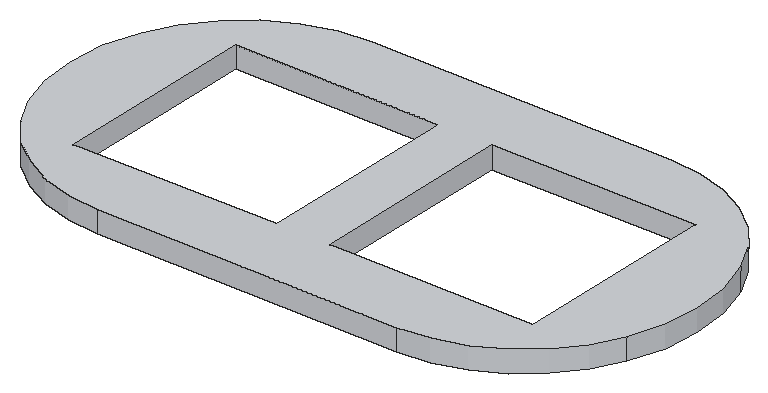
Revit family "Gira_0212135", category Electrical Fixtures, host Face, Revit 2017
Family settings
  Host = Face
  Maintain Annotation Orientation = No
  Round Connector Dimension = Use Diameter
  Part Type = Normal
  Cut with Voids When Loaded = No
  Shared = No
  Room Calculation Point = No
Parameters (values of type "Cov.fr. 2-g Gira Studio black gl.")
  URL = "http://katalog.gira.de/en/datenblatt.html?artikelnr=0212135"
  Transparent = "Yes"
  Name = "Cov.fr. 2-g Gira Studio black gl."
  Manufacturer URL = "https://www.gira.de/"
  Manufacturer = "Gira"
  Label space/information surface = "No"
  Keynote = ""
  HeinzeBIM = "https://bimportal.heinze.de/bim/cov-fr-2-g-gira-studio-black-gl-/4ded9c4e325d7cdc9f3b0441bd73f83e2d3b3484"
  HAN = "0212135"
  GTIN = "4010337045670"
  Description = "Cov.fr.2g Stud. GBk,Gira Studio cover frame,black glass,2-gang,Installation in standard device boxes, can be extended as required through installation in device boxes with spacer glands.,For surface-mounted installation: Gira Studio, housing, 1-gang, with cover frame, 1-gang, can be extended as required."
  Default Elevation = 1219.2 mm
  Data sheet (1) = "https://katalog.gira.de/en/download.html?artikelnr=0212135"
  Category = "Cover frame for domestic switching devices"
  BIM (2) = "https://media.stage.bim.site/public/gira/36a6b08/Studio_Rahmen_Tragplatte_2fach.rfa"
  BIM (1) = "https://media.stage.bim.site/public/gira/36a6b08/Studio_Rahmen_Abdeckplatte_2fach.rfa"
  Available = "No"
Reference planes
  plane 1 "Center (Front/Back)": y = 0
  plane 2: z = 0
  plane 3 "Center (Left/Right)": x = 0
Forms (mm)
  Extrusion 1, solid, detail levels fine
    sketch origin (0, 0, 0) x (0, -1, 0) y (1, 0, 0)
      loop
        arc (-47.5, -41.55) -> (-39.942, -66.512) -> (-19.808, -83.088) r 45
        arc (-19.808, -83.088) -> (0, -87.05) -> (19.808, -83.088) r 51.5
        arc (19.808, -83.088) -> (39.942, -66.512) -> (47.5, -41.55) r 45
        line (47.5, -41.55) -> (47.5, 41.55)
        arc (47.5, 41.55) -> (39.942, 66.512) -> (19.808, 83.088) r 45
        arc (19.808, 83.088) -> (0, 87.05) -> (-19.808, 83.088) r 51.5
        arc (-19.808, 83.088) -> (-39.942, 66.512) -> (-47.5, 41.55) r 45
        line (-47.5, 41.55) -> (-47.5, -41.55)
      loop
        line (-28.2, -63.75) -> (28.2, -63.75) -> (28.2, -7.35) -> (-28.2, -7.35) -> (-28.2, -63.75)
      loop
        line (28.2, 63.75) -> (-28.2, 63.75) -> (-28.2, 7.35) -> (28.2, 7.35) -> (28.2, 63.75)
    from 0 to 6
  Extrusion 2, solid, detail levels medium
    sketch origin (0, 0, 0) x (0, -1, 0) y (1, 0, 0)
      loop
        arc (-47.5, -41.55) -> (-39.942, -66.512) -> (-19.808, -83.088) r 45
        arc (-19.808, -83.088) -> (0, -87.05) -> (19.808, -83.088) r 51.5
        arc (19.808, -83.088) -> (39.942, -66.512) -> (47.5, -41.55) r 45
        line (47.5, -41.55) -> (47.5, 41.55)
        arc (47.5, 41.55) -> (39.942, 66.512) -> (19.808, 83.088) r 45
        arc (19.808, 83.088) -> (0, 87.05) -> (-19.808, 83.088) r 51.5
        arc (-19.808, 83.088) -> (-39.942, 66.512) -> (-47.5, 41.55) r 45
        line (-47.5, 41.55) -> (-47.5, -41.55)
    from 0 to 6
  Extrusion 3, solid, detail levels coarse
    sketch origin (0, 0, 0) x (0, -1, 0) y (1, 0, 0)
      loop
        line (-47.5, 87.05) -> (-47.5, -87.05) -> (47.5, -87.05) -> (47.5, 87.05) -> (-47.5, 87.05)
    from 0 to 6
Dimensions and locks
  aligned and locked: plane 2 to host face
  aligned and locked: level to host face
